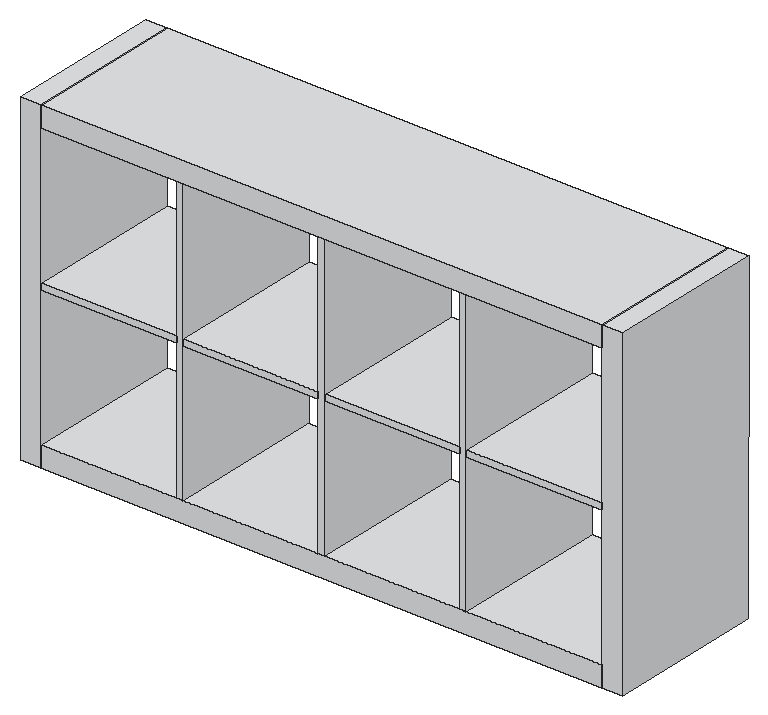
Revit family "Furniture_Ikea_Shelving_Expedit_Medium", category Furniture, Revit 2014
Parameters (values of type "Finish - White")
  Width = 803 mm
  Thin Wall = 15 mm
  Side Wall = 50.8 mm
  Length = 1489.075 mm
  Half Thin Wall = Thin Wall / 2  # 7.5 mm
  Finish = Ikea - Finish - White
  Division A = 346.869 mm
  Depth = 388.937 mm
Types (4, lengths in mm): name | Finish
  (no name) | Ikea - Finish - White
  Finish - Birch | Ikea - Finish - Birch
  Finish - White | Ikea - Finish - White
  Finish - Black Brown | Ikea - Finish - Black Brown
Reference planes
  plane 1 "Center Front/Back": y = 0
  plane 2: z = 0
  plane 3 "Center Left/Right": x = 0
  plane 4: y = 194.469
  plane 5: y = -194.469
  plane 6: x = -744.537
  plane 7: x = 744.538
  plane 8: z = 803
  plane 9: x = -693.737
  plane 10: x = 693.738
  plane 11: z = 752.2
  plane 12: z = 50.8
  plane 13: x = -350.619
  plane 14: z = 401.5
  plane 15: z = 409
  plane 16: z = 394
  plane 17: x = 350.619
  plane 18: x = -701.237
  plane 19: x = 701.238
Forms (mm)
  Extrusion 1, solid, material "Ikea - Finish - White" <- "Finish"
    sketch origin (85.725, 0, 0) x (1, 0, 0) y (0, 0, 1)
      loop
        line (-830.263, 0) -> (-779.463, 0) -> (-779.463, 803) -> (-830.263, 803) -> (-830.263, 0)
      loop
        line (658.812, 803) -> (608.012, 803) -> (608.012, 0) -> (658.812, 0) -> (658.812, 803)
    from -194.469 to 194.469
  Extrusion 2, solid, material "Ikea - Finish - White" <- "Finish"
    sketch origin (-1939.32, 0, 0) x (1, 0, 0) y (0, 0, 1)
      loop
        line (1580.764, 50.8) -> (1596.639, 50.8) -> (1596.639, 752.2) -> (1580.764, 752.2) -> (1580.764, 50.8)
      loop
        line (1931.382, 50.8) -> (1947.257, 50.8) -> (1947.257, 752.2) -> (1931.382, 752.2) -> (1931.382, 50.8)
      loop
        line (2281.382, 50.8) -> (2297.257, 50.8) -> (2297.257, 752.2) -> (2281.382, 752.2) -> (2281.382, 50.8)
    from -194.469 to 194.469
  Extrusion 3, solid, material "Ikea - Finish - White" <- "Finish"
    sketch origin (-1914.275, 0, -784.225) x (1, 0, 0) y (0, 0, 1)
      loop
        line (1220.537, 1193.225) -> (1220.537, 1178.225) -> (1555.719, 1178.225) -> (1555.719, 1193.225) -> (1220.537, 1193.225)
      loop
        line (1571.594, 1193.225) -> (1571.594, 1178.225) -> (1906.337, 1178.225) -> (1906.337, 1193.225) -> (1571.594, 1193.225)
      loop
        line (1922.212, 1193.225) -> (1922.212, 1178.225) -> (2256.337, 1178.225) -> (2256.337, 1193.225) -> (1922.212, 1193.225)
      loop
        line (2272.212, 1193.225) -> (2272.212, 1178.225) -> (2608.012, 1178.225) -> (2608.012, 1193.225) -> (2272.212, 1193.225)
    from -194.469 to 194.469
  Extrusion 4, solid, material "Ikea - Finish - White" <- "Finish"
    sketch origin (0, 0, 0) x (1, 0, 0) y (0, 0, 1)
      loop
        line (-693.737, 50.8) -> (-693.737, 0) -> (693.738, 0) -> (693.738, 50.8) -> (-693.737, 50.8)
      loop
        line (-693.737, 803) -> (-693.737, 752.2) -> (693.738, 752.2) -> (693.738, 803) -> (-693.737, 803)
    from -194.469 to 194.469
Dimensions and locks
  equal spacing: plane 6, plane 3 "Center Left/Right", plane 7
  "Depth": plane 5 to plane 4
  "Width": plane 8 to level
  "Side Wall": plane 8 to plane 11
  "Length": plane 7 to plane 6
  equal spacing: plane 7, plane 3 "Center Left/Right", plane 6
  "Side Wall": plane 9 to plane 6
  "Side Wall": plane 7 to plane 10
  "Side Wall": plane 12 to plane 2
  equal spacing: plane 8, plane 14, plane 2
  equal spacing: plane 15, plane 14, plane 16
  "Thin Wall": plane 15 to plane 16
  "Half Thin Wall": plane 9 to plane 18
  "Half Thin Wall": plane 19 to plane 10
  plane 19 to plane 17 to plane 3 "Center Left/Right" to plane 13 to plane 18 = 350.619 mm, 350.619 mm, 350.619 mm, 350.619 mm
  aligned and locked: level to plane 2
  aligned and locked: Extrusion 4 to plane 4
  aligned and locked: plane 5 to Extrusion 4
  aligned and locked: Extrusion 1 to Extrusion 3 sketch curve
  aligned and locked: Extrusion 2 to Extrusion 3 sketch curve  (x2)
  aligned and locked: plane 15 to Extrusion 3  (x4)
  aligned and locked: plane 16 to Extrusion 3  (x4)
Automatic sketch dimensions
  Extrusion 1 sketch curve to plane 6 = 0 mm
  Extrusion 1 sketch curve to plane 7 = 0 mm
  plane 9 to Extrusion 1 sketch curve = 0 mm
  Extrusion 1 sketch curve to plane 8 = 0 mm  (x2)
  Extrusion 1 sketch curve to level = 0 mm  (x2)
  Extrusion 1 sketch curve to plane 10 = 0 mm
  Extrusion 4 sketch curve to level = 0 mm
  Extrusion 4 sketch curve to plane 12 = 0 mm
  Extrusion 4 sketch curve to plane 9 = 0 mm
  Extrusion 4 sketch curve to plane 11 = 0 mm
  Extrusion 4 sketch curve to plane 10 = 0 mm  (x2)
  Extrusion 4 sketch curve to plane 8 = 0 mm
  plane 9 to Extrusion 4 sketch curve = 0 mm
  Extrusion 2 sketch curve to plane 11 = 0 mm  (x3)
  Extrusion 2 sketch curve to plane 12 = 0 mm  (x3)
  Extrusion 2 sketch curve to plane 13 = 7.938 mm
  plane 13 to Extrusion 2 sketch curve = 7.937 mm
  Extrusion 2 sketch curve to plane 3 "Center Left/Right" = 7.937 mm
  plane 3 "Center Left/Right" to Extrusion 2 sketch curve = 7.938 mm
  Extrusion 3 sketch curve to plane 10 = 0 mm
  plane 13 to Extrusion 3 sketch curve = 7.937 mm
  Extrusion 3 sketch curve to Extrusion 3 sketch curve = 15.875 mm  (x2)
  Extrusion 3 sketch curve to plane 14 = 7.5 mm  (x3)
  Extrusion 3 sketch curve to Extrusion 3 sketch curve = 0 mm  (x2)
  plane 14 to Extrusion 3 sketch curve = 7.5 mm  (x3)
  Extrusion 2 sketch curve to Extrusion 2 sketch curve = 334.125 mm
  Extrusion 2 sketch curve to Extrusion 2 sketch curve = 15.875 mm
  Extrusion 3 sketch curve to plane 17 = 8.556 mm
